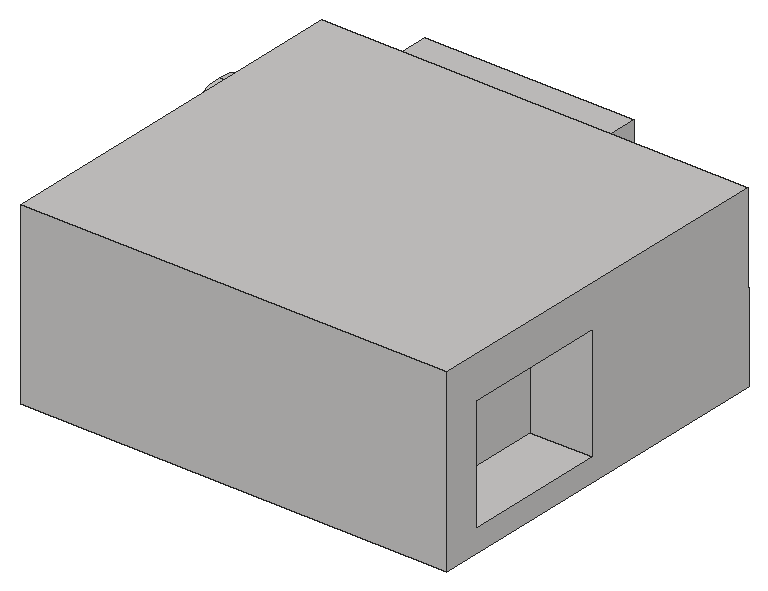
Revit family
Parameters
  Width = 3' - 0 1/8"
  Voltage = 120 V
  Unit Weight = "155.0 lbs"
  UltraLoc Liner = Choose Liner Option = 3  # no
  URL = "http://www.titus-hvac.com/"
  UL = "181"
  Supply Air Flow [instance] = 0 CFM
  SteriLoc Liner = Choose Liner Option = 2  # no
  Primary Air Pressure Drop [instance] = 0.00 in-wg
  Primary Air Flow [instance] = 0 CFM
  Plenum Air Pressure Drop [instance] = 0.00 in-wg
  Plenum Air Flow [instance] = 0 CFM
  Outlet Width = 1' - 2"
  Outlet Vertical Offset = 0' - 1 1/8"
  Outlet Horizontal Offset = 0' - 1 3/8"
  Outlet Height = 0' - 11"
  Number of Poles = 1
  Nominal Width = Width + 0' 6 1/4"  # 3' - 6 3/8"
  Nominal Length = Length + 0' 3 3/8"  # 3' - 8 1/4"
  Nominal Inlet Size = 1' - 0"
  Nominal Height = 1' - 5 1/8"
  NFPA = "90A"
  Motor Full Load Amps = 9.8 A
  Model = "DTQS"
  Min. Air Flow = 0 CFM
  Max. Air Flow = 0 CFM
  Material = Galvanized Steel
  Manufacturer = "Titus"
  Length = 3' - 4 7/8"
  Juction Box Offset = 0' - 4 7/8"
  Inlet Diameter = Nominal Inlet Size - 0' 0 1/8"  # 0' - 11 7/8"
  Induced Air Inlet Offset = 0' - 4 1/2"
  Induced Air Inlet Width = 1' - 1 1/4"
  Induced Air Inlet Height = 1' - 2 1/2"
  Induced Air Filter = no
  Heating Total Capacity [instance] = 0 Btu/h
  Half Outlet Connection Width = Outlet Width / 2  # 0' - 7"
  Half Outlet Connection Height = Outlet Height / 2  # 0' - 5 1/2"
  Half Height Start = -(Nominal Height / 2)  # -0' - 8 9/16"
  Half Height End = Nominal Height / 2  # 0' - 8 9/16"
  HP-Motor = "1/3"
  Frequency = 60 Hz
  Filter Size = "19\"x17\""
  Fiber Free Liner = Choose Liner Option = 1  # no
  Fan Disconnect Switch = no
  Duct Radius = Nominal Inlet Size / 2  # 0' - 6"
  Description = "Series Fan Powered Terminal Unit, Direct Digital Control, Pressure Independent"
  Connection Void Radius = Connection Radius - 0' 0 1/4"  # 0' - 5 11/16"
  Connection Radius = Inlet Diameter / 2  # 0' - 5 15/16"
  Choose Liner Option = 0
  CADworks URL = "www.CADworks.net"
  Assembly Code = "D3040100"
  Apparent Power = Voltage * Motor Full Load Amps  # 1176 VA
  Air Inlet Offset = 0' - 8"
  1/2" Fiberglass Liner = Choose Liner Option = 0  # yes
Reference planes (in)
  plane 1 "Center (Front/Back)": y = 0
  plane 2: z = 0
  plane 3 "Center (Left/Right)": x = 3
  plane 4: x = -17.4375
  plane 5: x = 23.4375
  plane 6: x = -12.5625
  plane 7: x = -20.8125
  plane 8 "Center (Elevation)": z = 0
  plane 9: y = -18.0625
  plane 10: y = 18.0625
  plane 11: y = 10.0625
  plane 12: y = -13.5625
  plane 13: x = -11.4375
  plane 14: x = 17.4375
  plane 15: y = 24.3125
  plane 16: z = 8.5625
  plane 17: z = -8.5625
Forms (in)
  Extrusion 1, solid, material "Galvanized Steel" <- "Material"
    sketch origin (61, -3.76302, 78.80279) x (1, 0, 0) y (0, 1, 0)
      loop
        line (-78.4375, 21.82552) -> (-78.4375, -14.29948) -> (-37.5625, -14.29948) -> (-37.5625, 21.82552) -> (-78.4375, 21.82552)
    from -87.36529 <- "Half Height Start" to -70.24029 <- "Half Height End"
  Extrusion 2, solid, material "Galvanized Steel" <- "Material"
    sketch origin (6.0625, 0, 42) x (1, 0, 0) y (0, 1, 0)
      loop
        line (-18.625, 18.0625) -> (1.375, 18.0625) -> (1.375, 24.3125) -> (-18.625, 24.3125) -> (-18.625, 18.0625)
    from -48 to -36
  Extrusion 3, void
    sketch origin (23.4375, 18.0625, 76.42779) x (0, 1, 0) y (0, 0, -1)
      loop
        line (-18.625, 71.86529) -> (-18.625, 82.86529) -> (-32.625, 82.86529) -> (-32.625, 71.86529) -> (-18.625, 71.86529)
    from 0 to 6
  Extrusion 4, solid, material "Galvanized Steel" <- "Material"
    sketch origin (-24.875, -0.4375, 0) x (0, 0, -1) y (0, 1, 0)
      loop
        circle (0, 10.5) r 5.9375
    from 4.0625 to 7.4375
  Extrusion 5, void
    sketch origin (-24.875, 0, 0) x (0, 1, 0) y (0, 0, 1)
      loop
        circle (10.0625, 0) r 5.6875
    from 4.0625 to 13.4375
  Extrusion 6, void
    sketch origin (-17.4375, -18.0625, 78.67779) x (0, -1, 0) y (0, 0, -1)
      loop
        line (-17.75, 71.49029) -> (-4.5, 71.49029) -> (-4.5, 85.99029) -> (-17.75, 85.99029) -> (-17.75, 71.49029)
    from 0 to 6
Cuts and joins
  Extrusion 3, Extrusion 5, Extrusion 6 cuts Extrusion 1
  Extrusion 5 cuts Extrusion 4
Dimensions and locks (in)
  "Length": plane 5 to plane 4
  equal spacing: plane 5, plane 3 "Center (Left/Right)", plane 4
  locked: Extrusion 2 to plane 6 at 0
  locked: Extrusion 2 to Extrusion 2 at 20
  "Juction Box Offset": plane 6 to plane 4
  "Outlet Height": Extrusion 3 sketch curve to Extrusion 3 sketch curve
  "Outlet Width": Extrusion 3 sketch curve to Extrusion 3 sketch curve
  locked: plane 4 to plane 7 at 3.375
  "Width": plane 9 to plane 10
  equal spacing: plane 9, plane 1 "Center (Front/Back)", plane 10
  locked: Extrusion 4 sketch curve to level at 0
  locked: Extrusion 4 sketch curve to plane 11 at 0
  locked: Extrusion 5 sketch curve to level at 0
  locked: Extrusion 5 sketch curve to plane 11 at 0
  locked: Extrusion 2 to Extrusion 2 at 6.25
  "Air Inlet Offset": plane 10 to plane 11
  locked: Extrusion 2 to plane 10 at 0
  locked: cut or joined group of Extrusion 4, Extrusion 5 to plane 7 at 0
  locked: cut or joined group of Extrusion 4, Extrusion 5 to cut or joined group of Extrusion 4, Extrusion 5 at 3.375
  "Induced Air Inlet Offset": plane 9 to plane 12
  "Induced Air Inlet Width": Extrusion 6 sketch curve to Extrusion 6 sketch curve
  "Induced Air Inlet Height": Extrusion 6 sketch curve to Extrusion 6 sketch curve
  "Induced Air Inlet Offset": Extrusion 6 sketch curve to plane 9
  locked: plane 9 to Extrusion 3 sketch curve at 3.5
  cut or joined group of Extrusion 1, Extrusion 3, Extrusion 5, Extrusion 6 to Extrusion 6 sketch curve = 0' - 1 3/8"
  cut or joined group of Extrusion 1, Extrusion 3, Extrusion 5, Extrusion 6 to Extrusion 3 sketch curve = 0' - 2 1/8"
  locked: Extrusion 2 to Extrusion 2 at 12
  equal spacing: Extrusion 2, level, Extrusion 2
  locked: cut or joined group of Extrusion 1, Extrusion 3, Extrusion 5, Extrusion 6 to cut or joined group of Extrusion 1, Extrusion 3, Extrusion 5, Extrusion 6 at 17.125
  equal spacing: cut or joined group of Extrusion 1, Extrusion 3, Extrusion 5, Extrusion 6, level, cut or joined group of Extrusion 1, Extrusion 3, Extrusion 5, Extrusion 6
  locked: plane 4 to plane 13 at 6
  locked: plane 14 to plane 5 at 6
  "Connection Radius": radius of Extrusion 4 sketch curve
  "Connection Void Radius": radius of Extrusion 5 sketch curve
  aligned and locked: cut or joined group of Extrusion 1, Extrusion 3, Extrusion 5, Extrusion 6 to plane 10
  aligned and locked: plane 9 to cut or joined group of Extrusion 1, Extrusion 3, Extrusion 5, Extrusion 6
  aligned and locked: plane 5 to cut or joined group of Extrusion 1, Extrusion 3, Extrusion 5, Extrusion 6
  aligned and locked: cut or joined group of Extrusion 1, Extrusion 3, Extrusion 5, Extrusion 6 to plane 4
  aligned and locked: Extrusion 3 to plane 14
  aligned and locked: plane 13 to Extrusion 6
  aligned and locked: Extrusion 6 to Extrusion 5
Automatic sketch dimensions
  plane 4 to Extrusion 1 sketch curve = 0' - 0"
  plane 5 to Extrusion 1 sketch curve = 0' - 0"
  plane 9 to Extrusion 1 sketch curve = 0' - 0"
  plane 10 to Extrusion 1 sketch curve = 0' - 0"
  Extrusion 2 sketch curve to plane 6 = 0' - 0"
  Extrusion 2 sketch curve to plane 10 = 0' - 0"
  plane 3 "Center (Left/Right)" to Extrusion 2 sketch curve = 0' - 4 7/16"
  Extrusion 2 sketch curve to plane 10 = 0' - 6 1/4"
Connectors (in)
  electrical at (-2.5625, 24.3125, 0), driven by "Apparent Power", driven by "Voltage", driven by "Number of Poles"
    settings: on Extrusion 2, index 8
  hvac at (-20.8125, 10.0625, 0), driven by "Primary Air Flow", driven by "Duct Radius", driven by "Primary Air Pressure Drop"
    settings: on cut or joined group of Extrusion 4, Extrusion 5, index 9
  hvac at (-17.4375, -6.9375, -0.0625), driven by "Induced Air Inlet Width", driven by "Induced Air Inlet Height", driven by "Plenum Air Pressure Drop", driven by "Plenum Air Flow"
    settings: on cut or joined group of Extrusion 1, Extrusion 3, Extrusion 5, Extrusion 6, index 14
  hvac at (23.4375, -7.5625, -0.9375), driven by "Supply Air Flow", driven by "Outlet Width", driven by "Outlet Height"
    settings: on cut or joined group of Extrusion 1, Extrusion 3, Extrusion 5, Extrusion 6, index 15
